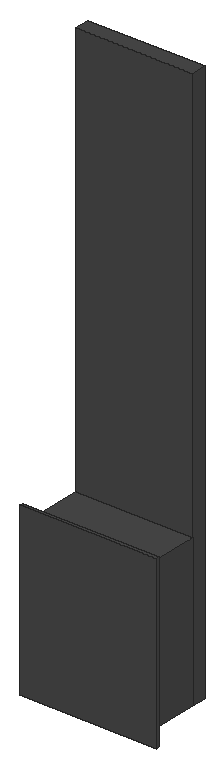
Revit family "3-751-xx Icon Wall Sconce", category Luminarias, Revit 2021
Family settings
  Anfitrión = Muro
  Cota de conector redondo = Diámetro de uso
  Tipo de pieza = Normal
  Número OmniClass = 23.80.70.00
  Título OmniClass = Lighting
  Siempre vertical = Sí
  Corte con vacíos al cargar = No
  Origen de luz = Sí
  Compartido = No
  Punto de cálculo de habitación = No
Parameters (values of type "3-751-15 / Black - Matte White Acrylic")
  Tamaño de símbolo de origen de luz = 609.6 mm
  Elevación por defecto = 0 mm
  Diffuser = Matte White Acrylic
  Comentarios de vataje = "1 x 12.0 W at 120 V"  # constant formula
  Wattage = 12.2 W
  built-in parameter 1150110 = 1 (stored number, unit not read)
  Voltage Input = "120 V or 277 V - 50/60 Hz"  # constant formula
  Voltage = 120 V
  URL = "www.oxygenlighting.com"
  built-in parameter 1114217 = 1 (stored number, unit not read)
  built-in parameter 1150109 = 1 (stored number, unit not read)
  built-in parameter 1150134 = (empty or 0)
  built-in parameter 1150113 = 1 (stored number, unit not read)
  References = "Ref. 3 = 120 V / Ref. 37 = 277 V"  # constant formula
  Modelo = "3-751-xx / Icon Wall Sconce"  # constant formula
  Metal Finish 1 = 15 - Black
  Fabricante = "Oxygen Lighting and Fans"  # constant formula
  Lumens = 272.06 lm
  built-in parameter 1150115 = 1 (stored number, unit not read)
  built-in parameter 1150105 = 21.65 (stored number, unit not read)
  built-in parameter 1150137 = (empty or 0)
  built-in parameter 1150139 = (empty or 0)
  built-in parameter 1150112 = 1 (stored number, unit not read)
  built-in parameter 1150114 = 1 (stored number, unit not read)
  Lámpara = "LED Array"  # constant formula
  built-in parameter 1150132 = (empty or 0)
  built-in parameter 1150102 = (empty or 0)
  built-in parameter 1150138 = (empty or 0)
  built-in parameter 1150107 = 3000 (stored number, unit not read)
  built-in parameter 1150106 = 0.2165 (stored number, unit not read)
  built-in parameter 1150104 = 2.0717 (stored number, unit not read)
  Dimming Lamp Color Temperature Shift = (empty or 0)
  Color Filter = 16777215
  built-in parameter 1114218 = 1 (stored number, unit not read)
  built-in parameter 1150133 = 10 (stored number, unit not read)
Types (4, lengths in mm): name | Metal Finish 1
  3-751-24 / Satin Nickel - Matte White Acrylic | 24 - Satin Nickel
  3-751-14 / Polished Chrome - Matte White Acrylic | 14 - Polished Chrome
  3-751-15 / Black - Matte White Acrylic | 15 - Black
  3-751-40 / Aged Brass - Matte White Acrylic | 40 - Aged Brass
Reference planes
  plane 1: y = 0
  plane 2 "Light Source Axis (L/R)": x = 125
  plane 3 "Light Source Axis (F/R)": y = 120
  plane 4 "Light Source Elevation": z = 901.371
  plane 5: y = 75
  plane 6: z = 737.5
Text (mm)
  text "Placement side" at (-1787.139, 1116.779, 0), in view "Ref. Level"
  text "Placement side" at (0, 2110.396, 2986.058), in view "Left"
  text "Placement side" at (0, 628.478, 3011.967), in view "Right"
Dimensions and locks
  locked: plane 3 "Light Source Axis (F/R)" to plane 5 at 45
  locked: plane 6 to plane 4 "Light Source Elevation" at 163.871
  aligned and locked: plane 1 to host wall
  aligned and locked: plane 4 "Light Source Elevation" to imposter light
  aligned and locked: plane 5 to host wall
  aligned and locked: plane 2 "Light Source Axis (L/R)" to imposter light
  aligned and locked: plane 3 "Light Source Axis (F/R)" to imposter light
  aligned and locked: nested 1 to plane 6
Nested families
  nested 1: "Family1" at (125, 75, 899) x (-1, 0, 0) z (0, 0, 1), type "Family1"
Definition of nested family "Family1"
  Parameters (values of type "Family1")
    Metal finish 2 = none
    Metal Finish 1 = none
    Default Elevation = 0 mm
    Diffuser = none
  Reference planes
    plane 1 "Center (Front/Back)": y = 0
    plane 2: z = 0
    plane 3 "Center (Left/Right)": x = 0
  Forms (mm)
    Extrusion 1, solid, material <- "Metal Finish 1"
      sketch origin (0, 0, 0) x (1, 0, 0) y (0, 0, 1)
        loop
          line (-60, -20) -> (-60, -170) -> (60, -170) -> (60, -20) -> (-60, -20)
      from 0 to 3
    Extrusion 2, solid, material <- "Metal Finish 1"
      sketch origin (0, 0, 0) x (1, 0, 0) y (0, 1, 0)
        loop
          line (-51.5, -50.5) -> (-51.5, -63.5) -> (51.5, -63.5) -> (51.5, -50.5) -> (-51.5, -50.5)
      from -161.5 to 338
    Extrusion 3, solid, material <- "Metal Finish 1"
      sketch origin (0, 0, 0) x (1, 0, 0) y (0, 1, 0)
        loop
          line (-51.5, -3) -> (-51.5, -50.5) -> (51.5, -50.5) -> (51.5, -3) -> (-51.5, -3)
      from -161.5 to -28.5
  Dimensions and locks
    aligned and locked: level to plane 2
